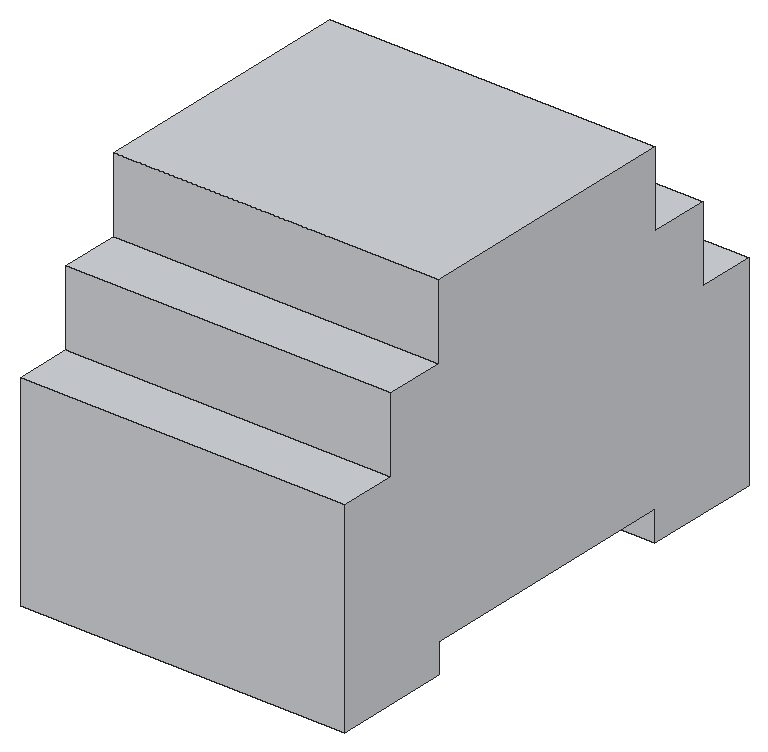
Revit family "Power-ModularDevices-GEWISS-90AM-RELAY_RESIDUAL_CURRENT", category Apparecchi elettrici, host Superficie, Revit 2016
Family settings
  Host = Superficie
  Mantenere orientamento annotazione = Sì
  Tipo di parte = Normale
  Quota connettore circolare = Usa diametro
  Numero OmniClass = 23.80.30.00
  Titolo OmniClass = Distribution Devices
  Taglio con vuoti quando caricato = No
  Condiviso = No
  Punto di calcolo locali = Sì
Parameters (values of type "GW96331 - RESIDUAL CURRENT EARTH RELAY")
  dIST sIMBOLO [instance] = 6.4 mm  # constant formula
  Version file RFA = "18.0"
  URL = "https://www.gewiss.com/ww/en"
  Type: = "Separate toroid"
  Type = "A"
  Technical sheet = "https://www.gewiss.com/ww/en/search?q=GW96331"
  TESTO ETICHETTA = "A"
  SEO = "Relay"
  Realized by GEWISS S.p.A. = ""
  Rated voltage (V) = "230 ac"
  Rated voltage = "230Vac"
  Default Elevation = 1219.2 mm
  Produttore = "GEWISS S.p.A."
  Potenza in Watt = 0 V
  Numero poli = 1
  No. of modules EN 50022 = "3"
  No. Chorus modules = "3"
  Modello = "GW96331"
  Installation = "DIN rail"
  Immagine tipo = GW96331.jpg
  IFC.TypeObject = ""
  IFC.ExportType = ""
  IFC.ExportAs = ""
  IDT = "8fce91a4-73eb-4b8b-b6af-6b6be4d5b2ce"
  IDF = "7901679e-94c1-4048-a4bd-c1a92c425e58"
  Fin_INTERRUTTORE = none
  Electrocod = "140"
  EAN code = "8011564177093"
  Dist_dalla barra din [instance] = 5 mm
  Descrizione = "RESIDUAL CURRENT EARTH RELAY"
  Catalogue Range = "90 AM"
  Catalogue = "POWER"
  COBie.Tagnumber = ""
  COBie.CreatedOn = ""
  COBie.CreatebBy = ""
  COBie.ComponentRegisterItemID = ""
  COBie.Component.TagNumber = ""
  COBie.Component.Space = ""
  COBie.Component.SerialNumber = ""
  COBie.Component.InstallationDate = ""
  COBie.Component.Description = ""
  COBie.Component.BarCode = ""
  Assembly = "DIN rail"
Reference planes
  plane 1 "Centro (Fronte/Retro)": y = 0
  plane 2: z = 0
  plane 3 "Centro (Sinistra/Destra)": x = 0
  plane 4 "barra din": y = -45
Dimensions and locks
  aligned and locked: plane 2 to host face
  aligned and locked: level to host face
  aligned and locked: plane 3 "Centro (Sinistra/Destra)" to nested 1
Nested families
  nested 1: "90AM RELE DIFF TOROIDE SEPARATO_GENERICO" at (0, 0, 0), type "GW96331 Rele' differenziale di terra - 3M"
Connectors
  electrical at (0, 42, 16.965)
    settings: on nested 1, index 1, voltage 230 V, apparent load 0 VA, apparent load phase1 0 VA, apparent load phase2 0 VA, apparent load phase3 0 VA, power factor 1, load classification "Altro", number of poles 1, system type 31, power factor state 1, is connector primary yes, connector utility no, sub classification motor no, connector description ""
Definition of nested family "90AM RELE DIFF TOROIDE SEPARATO_GENERICO"
  Parameters (values of type "GW96331 Rele' differenziale di terra - 3M")
    Default Elevation = 1219.2 mm
    Finitura Amperometro = none
    DIST_DALLA BARRA = 5 mm
    D = 45 mm  # constant formula
    C = 59 mm  # constant formula
    B = 84 mm  # constant formula
    A = 54 mm  # constant formula
  Reference planes
    plane 1 "Centro (Fronte/Retro)": y = 0
    plane 2: z = 0
    plane 3 "Centro (Sinistra/Destra)": x = 0
    plane 4: y = -22.5
    plane 5: y = 22.5
    plane 6: y = -32.5
    plane 7: y = 32.5
    plane 8: y = -42
    plane 9: y = 42
    plane 10 "fronte": z = 59
    plane 11: z = 0
    plane 12: z = 5
    plane 13 "FOROMETRIA": z = 33.929
    plane 14 "forometria 2": z = 46.465
    plane 15: x = -27
    plane 16: x = 27
    plane 17: z = 72
    plane 18: through (0, -1524, 57.378) normal (-0.6412, 0, 0.7674)
  Forms (mm)
    Extrusion 1, solid, material <- "Finitura Amperometro"
      sketch origin (0, 0, 5) x (0, 1, 0) y (0, 0, 1)
        loop
          line (-22.5, 54) -> (-22.5, 41.465) -> (-32.5, 41.465) -> (-32.5, 28.929) -> (-42, 28.929) -> (-42, -5) -> (-22.5, -5) -> (-22.5, 0) -> (22.5, 0) -> (22.5, -5) -> (42, -5) -> (42, 28.929) -> (32.5, 28.929) -> (32.5, 41.465) -> (22.5, 41.465) -> (22.5, 54) -> (-22.5, 54)
      from -27 to 27
    Extrusion 2, solid, material <- "Finitura Amperometro", detail levels coarse
      sketch origin (0, 0, 33.929) x (0, -1, 0) y (1, 0, 0)
        loop
          line (-42, -27) -> (42, -27) -> (42, 27) -> (-42, 27) -> (-42, -27)
      from -28.929 to 25.071
    Extrusion 3, solid, material <- "Finitura Amperometro", detail levels coarse
      sketch origin (0, 0, 0) x (0, 1, 0) y (0, 0, 1)
        loop
          line (-3.75, 57.378) -> (3.75, 57.378) -> (3.75, 59) -> (-3.75, 59) -> (-3.75, 57.378)
      from -4.396 to 4.396
  Cuts and joins
    joined: Extrusion 2, Extrusion 3
  Lines and regions (mm)
    model lines
      curve 1: line (-27, -22.5, 59) -> (27, -22.5, 59)
      curve 2: line (-27, 22.5, 59) -> (27, 22.5, 59)
      curve 3: line (-27, -22.5, 59) -> (-27, 22.5, 59)
      curve 4: line (27, 22.5, 59) -> (27, -22.5, 59)
    model lines, detail levels medium+fine
      curve 5: line (12.104, -11.04, 59) -> (12.104, -4.062, 59)
      curve 6: line (12.104, -4.062, 59) -> (10.396, -5.77, 59)
      curve 7: line (20.801, -16.475, 59) -> (2.626, -16.475, 59)
      curve 8: line (2.626, -16.475, 59) -> (2.626, 1.7, 59)
      curve 9: line (2.626, 1.7, 59) -> (20.801, 1.7, 59)
      curve 10: line (20.801, 1.7, 59) -> (20.801, -16.475, 59)
      curve 11: line (13.857, -2.861, 59) -> (10.129, -2.861, 59)
      curve 12: line (10.129, -2.861, 59) -> (7.493, -5.497, 59)
      curve 13: line (7.493, -5.497, 59) -> (7.493, -9.225, 59)
      curve 14: line (7.493, -9.225, 59) -> (10.129, -11.861, 59)
      curve 15: line (10.129, -11.861, 59) -> (13.857, -11.861, 59)
      curve 16: line (13.857, -11.861, 59) -> (16.494, -9.225, 59)
      curve 17: line (16.494, -9.225, 59) -> (16.494, -5.497, 59)
      curve 18: line (16.494, -5.497, 59) -> (13.857, -2.861, 59)
      curve 19: line (-13.589, -5.988, 59) -> (-11.881, -4.28, 59)
      curve 20: line (-11.881, -4.28, 59) -> (-10.173, -5.988, 59)
      curve 21: line (-11.881, -11.258, 59) -> (-11.881, -4.28, 59)
      curve 22: line (-3.185, -16.693, 59) -> (-21.359, -16.693, 59)
      curve 23: line (-21.359, -16.693, 59) -> (-21.359, 1.482, 59)
      curve 24: line (-21.359, 1.482, 59) -> (-3.185, 1.482, 59)
      curve 25: line (-3.185, 1.482, 59) -> (-3.185, -16.693, 59)
      curve 26: line (-10.128, -3.079, 59) -> (-13.856, -3.079, 59)
      curve 27: line (-13.856, -3.079, 59) -> (-16.493, -5.715, 59)
      curve 28: line (-16.493, -5.715, 59) -> (-16.493, -9.443, 59)
      curve 29: line (-16.493, -9.443, 59) -> (-13.856, -12.079, 59)
      curve 30: line (-13.856, -12.079, 59) -> (-10.128, -12.079, 59)
      curve 31: line (-10.128, -12.079, 59) -> (-7.492, -9.443, 59)
      curve 32: line (-7.492, -9.443, 59) -> (-7.492, -5.715, 59)
      curve 33: line (-7.492, -5.715, 59) -> (-10.128, -3.079, 59)
      curve 34: line (-27, 22.5, 59) -> (27, 22.5, 59)
      curve 35: line (12.104, -4.062, 59) -> (13.812, -5.77, 59)
      curve 36: line (27, -22.5, 59) -> (-27, -22.5, 59)
      curve 37: line (-27, -22.5, 59) -> (-27, 22.5, 59)
      curve 38: line (27, 22.5, 59) -> (27, -22.5, 59)
      curve 39: line (5.906, 12.425, 59) -> (4.612, 12.772, 59)
      curve 40: line (4.612, 12.772, 59) -> (3.666, 13.719, 59)
      curve 41: line (3.666, 13.719, 59) -> (3.319, 15.012, 59)
      curve 42: line (3.319, 15.012, 59) -> (3.666, 16.306, 59)
      curve 43: line (3.666, 16.306, 59) -> (4.612, 17.252, 59)
      curve 44: line (4.612, 17.252, 59) -> (5.906, 17.599, 59)
      curve 45: line (5.906, 17.599, 59) -> (7.199, 17.252, 59)
      curve 46: line (7.199, 17.252, 59) -> (8.146, 16.306, 59)
      curve 47: line (8.146, 16.306, 59) -> (8.493, 15.012, 59)
      curve 48: line (8.493, 15.012, 59) -> (8.146, 13.719, 59)
      curve 49: line (8.146, 13.719, 59) -> (7.199, 12.772, 59)
      curve 50: line (7.199, 12.772, 59) -> (5.906, 12.425, 59)
      curve 51: line (-18.569, 12.425, 59) -> (-19.863, 12.772, 59)
      curve 52: line (-19.863, 12.772, 59) -> (-20.809, 13.719, 59)
      curve 53: line (-20.809, 13.719, 59) -> (-21.156, 15.012, 59)
      curve 54: line (-21.156, 15.012, 59) -> (-20.809, 16.306, 59)
      curve 55: line (-20.809, 16.306, 59) -> (-19.863, 17.252, 59)
      curve 56: line (-19.863, 17.252, 59) -> (-18.569, 17.599, 59)
      curve 57: line (-18.569, 17.599, 59) -> (-17.276, 17.252, 59)
      curve 58: line (-17.276, 17.252, 59) -> (-16.329, 16.306, 59)
      curve 59: line (-16.329, 16.306, 59) -> (-15.982, 15.012, 59)
      curve 60: line (-15.982, 15.012, 59) -> (-16.329, 13.719, 59)
      curve 61: line (-16.329, 13.719, 59) -> (-17.276, 12.772, 59)
      curve 62: line (-17.276, 12.772, 59) -> (-18.569, 12.425, 59)
      curve 63: line (-6.599, 12.425, 59) -> (-7.892, 12.772, 59)
      curve 64: line (-7.892, 12.772, 59) -> (-8.839, 13.719, 59)
      curve 65: line (-8.839, 13.719, 59) -> (-9.185, 15.012, 59)
      curve 66: line (-9.185, 15.012, 59) -> (-8.839, 16.306, 59)
      curve 67: line (-8.839, 16.306, 59) -> (-7.892, 17.252, 59)
      curve 68: line (-7.892, 17.252, 59) -> (-6.599, 17.599, 59)
      curve 69: line (-6.599, 17.599, 59) -> (-5.305, 17.252, 59)
      curve 70: line (-5.305, 17.252, 59) -> (-4.358, 16.306, 59)
      curve 71: line (-4.358, 16.306, 59) -> (-4.012, 15.012, 59)
      curve 72: line (-4.012, 15.012, 59) -> (-4.358, 13.719, 59)
      curve 73: line (-4.358, 13.719, 59) -> (-5.305, 12.772, 59)
      curve 74: line (-5.305, 12.772, 59) -> (-6.599, 12.425, 59)
      curve 75: line (18.569, 12.425, 59) -> (17.276, 12.772, 59)
      curve 76: line (17.276, 12.772, 59) -> (16.329, 13.719, 59)
      curve 77: line (16.329, 13.719, 59) -> (15.982, 15.012, 59)
      curve 78: line (15.982, 15.012, 59) -> (16.329, 16.306, 59)
      curve 79: line (16.329, 16.306, 59) -> (17.276, 17.252, 59)
      curve 80: line (17.276, 17.252, 59) -> (18.569, 17.599, 59)
      curve 81: line (18.569, 17.599, 59) -> (19.863, 17.252, 59)
      curve 82: line (19.863, 17.252, 59) -> (20.809, 16.306, 59)
      curve 83: line (20.809, 16.306, 59) -> (21.156, 15.012, 59)
      curve 84: line (21.156, 15.012, 59) -> (20.809, 13.719, 59)
      curve 85: line (20.809, 13.719, 59) -> (19.863, 12.772, 59)
      curve 86: line (19.863, 12.772, 59) -> (18.569, 12.425, 59)
      curve 87: line (-27, 22.5, 46.465) -> (27, 22.5, 46.465)
      curve 88: line (27, 32.5, 46.465) -> (-27, 32.5, 46.465)
      curve 89: line (-27, 22.5, 46.465) -> (-27, 32.5, 46.465)
      curve 90: line (27, 32.5, 46.465) -> (27, 22.5, 46.465)
      curve 176: line (-27, -32.5, 33.929) -> (27, -32.5, 33.929)
      curve 177: line (27, -42, 33.929) -> (-27, -42, 33.929)
      curve 178: line (-27, -42, 33.929) -> (-27, -32.5, 33.929)
      curve 179: line (27, -32.5, 33.929) -> (27, -42, 33.929)
      curve 180: line (-21.755, -39.678, 33.929) -> (-20.462, -39.331, 33.929)
      curve 181: line (-20.462, -39.331, 33.929) -> (-19.515, -38.384, 33.929)
      curve 182: line (-19.515, -38.384, 33.929) -> (-19.169, -37.091, 33.929)
      curve 183: line (-19.169, -37.091, 33.929) -> (-19.515, -35.797, 33.929)
      curve 184: line (-19.515, -35.797, 33.929) -> (-20.462, -34.851, 33.929)
      curve 185: line (-20.462, -34.851, 33.929) -> (-21.755, -34.504, 33.929)
      curve 186: line (-21.755, -34.504, 33.929) -> (-23.049, -34.851, 33.929)
      curve 187: line (-23.049, -34.851, 33.929) -> (-23.996, -35.797, 33.929)
      curve 188: line (-23.996, -35.797, 33.929) -> (-24.342, -37.091, 33.929)
      curve 189: line (-24.342, -37.091, 33.929) -> (-23.996, -38.384, 33.929)
      curve 190: line (-23.996, -38.384, 33.929) -> (-23.049, -39.331, 33.929)
      curve 191: line (-23.049, -39.331, 33.929) -> (-21.755, -39.678, 33.929)
      curve 192: line (-13.245, -39.678, 33.929) -> (-11.951, -39.331, 33.929)
      curve 193: line (-11.951, -39.331, 33.929) -> (-11.004, -38.384, 33.929)
      curve 194: line (-11.004, -38.384, 33.929) -> (-10.658, -37.091, 33.929)
      curve 195: line (-10.658, -37.091, 33.929) -> (-11.004, -35.797, 33.929)
      curve 196: line (-11.004, -35.797, 33.929) -> (-11.951, -34.851, 33.929)
      curve 197: line (-11.951, -34.851, 33.929) -> (-13.245, -34.504, 33.929)
      curve 198: line (-13.245, -34.504, 33.929) -> (-14.538, -34.851, 33.929)
      curve 199: line (-14.538, -34.851, 33.929) -> (-15.485, -35.797, 33.929)
      curve 200: line (-15.485, -35.797, 33.929) -> (-15.831, -37.091, 33.929)
      curve 201: line (-15.831, -37.091, 33.929) -> (-15.485, -38.384, 33.929)
      curve 202: line (-15.485, -38.384, 33.929) -> (-14.538, -39.331, 33.929)
      curve 203: line (-14.538, -39.331, 33.929) -> (-13.245, -39.678, 33.929)
      curve 204: line (-4.255, -39.678, 33.929) -> (-2.962, -39.331, 33.929)
      curve 205: line (-2.962, -39.331, 33.929) -> (-2.015, -38.384, 33.929)
      curve 206: line (-2.015, -38.384, 33.929) -> (-1.669, -37.091, 33.929)
      curve 207: line (-1.669, -37.091, 33.929) -> (-2.015, -35.797, 33.929)
      curve 208: line (-2.015, -35.797, 33.929) -> (-2.962, -34.851, 33.929)
      curve 209: line (-2.962, -34.851, 33.929) -> (-4.255, -34.504, 33.929)
      curve 210: line (-4.255, -34.504, 33.929) -> (-5.549, -34.851, 33.929)
      curve 211: line (-5.549, -34.851, 33.929) -> (-6.496, -35.797, 33.929)
      curve 212: line (-6.496, -35.797, 33.929) -> (-6.842, -37.091, 33.929)
      curve 213: line (-6.842, -37.091, 33.929) -> (-6.496, -38.384, 33.929)
      curve 214: line (-6.496, -38.384, 33.929) -> (-5.549, -39.331, 33.929)
      curve 215: line (-5.549, -39.331, 33.929) -> (-4.255, -39.678, 33.929)
      curve 216: line (4.255, -39.678, 33.929) -> (5.549, -39.331, 33.929)
      curve 217: line (5.549, -39.331, 33.929) -> (6.496, -38.384, 33.929)
      curve 218: line (6.496, -38.384, 33.929) -> (6.842, -37.091, 33.929)
      curve 219: line (6.842, -37.091, 33.929) -> (6.496, -35.797, 33.929)
      curve 220: line (6.496, -35.797, 33.929) -> (5.549, -34.851, 33.929)
      curve 221: line (5.549, -34.851, 33.929) -> (4.255, -34.504, 33.929)
      curve 222: line (4.255, -34.504, 33.929) -> (2.962, -34.851, 33.929)
      curve 223: line (2.962, -34.851, 33.929) -> (2.015, -35.797, 33.929)
      curve 224: line (2.015, -35.797, 33.929) -> (1.669, -37.091, 33.929)
      curve 225: line (1.669, -37.091, 33.929) -> (2.015, -38.384, 33.929)
      curve 226: line (2.015, -38.384, 33.929) -> (2.962, -39.331, 33.929)
      curve 227: line (2.962, -39.331, 33.929) -> (4.255, -39.678, 33.929)
      curve 228: line (13.745, -39.678, 33.929) -> (12.451, -39.331, 33.929)
      curve 229: line (12.451, -39.331, 33.929) -> (11.504, -38.384, 33.929)
      curve 230: line (11.504, -38.384, 33.929) -> (11.158, -37.091, 33.929)
      curve 231: line (11.158, -37.091, 33.929) -> (11.504, -35.797, 33.929)
      curve 232: line (11.504, -35.797, 33.929) -> (12.451, -34.851, 33.929)
      curve 233: line (12.451, -34.851, 33.929) -> (13.745, -34.504, 33.929)
      curve 234: line (13.745, -34.504, 33.929) -> (15.038, -34.851, 33.929)
      curve 235: line (15.038, -34.851, 33.929) -> (15.985, -35.797, 33.929)
      curve 236: line (15.985, -35.797, 33.929) -> (16.331, -37.091, 33.929)
      curve 237: line (16.331, -37.091, 33.929) -> (15.985, -38.384, 33.929)
      curve 238: line (15.985, -38.384, 33.929) -> (15.038, -39.331, 33.929)
      curve 239: line (15.038, -39.331, 33.929) -> (13.745, -39.678, 33.929)
      curve 240: line (22.255, -39.678, 33.929) -> (20.962, -39.331, 33.929)
      curve 241: line (20.962, -39.331, 33.929) -> (20.015, -38.384, 33.929)
      curve 242: line (20.015, -38.384, 33.929) -> (19.669, -37.091, 33.929)
      curve 243: line (19.669, -37.091, 33.929) -> (20.015, -35.797, 33.929)
      curve 244: line (20.015, -35.797, 33.929) -> (20.962, -34.851, 33.929)
      curve 245: line (20.962, -34.851, 33.929) -> (22.255, -34.504, 33.929)
      curve 246: line (22.255, -34.504, 33.929) -> (23.549, -34.851, 33.929)
      curve 247: line (23.549, -34.851, 33.929) -> (24.496, -35.797, 33.929)
      curve 248: line (24.496, -35.797, 33.929) -> (24.842, -37.091, 33.929)
      curve 249: line (24.842, -37.091, 33.929) -> (24.496, -38.384, 33.929)
      curve 250: line (24.496, -38.384, 33.929) -> (23.549, -39.331, 33.929)
      curve 251: line (23.549, -39.331, 33.929) -> (22.255, -39.678, 33.929)
    model lines, detail levels fine
      curve 91: line (-22.47, 26.642, 46.465) -> (-22.47, 24.448, 46.465)
      curve 92: line (-22.47, 24.448, 46.465) -> (-23.205, 24.448, 46.465)
      curve 93: line (-23.205, 24.448, 46.465) -> (-23.632, 24.501, 46.465)
      curve 94: line (-23.632, 24.501, 46.465) -> (-24.154, 24.732, 46.465)
      curve 95: line (-24.154, 24.732, 46.465) -> (-24.568, 25.117, 46.465)
      curve 96: line (-24.568, 25.117, 46.465) -> (-24.842, 25.635, 46.465)
      curve 97: line (-24.842, 25.635, 46.465) -> (-24.927, 26.187, 46.465)
      curve 98: line (-24.927, 26.187, 46.465) -> (-24.845, 26.696, 46.465)
      curve 99: line (-24.845, 26.696, 46.465) -> (-24.625, 27.145, 46.465)
      curve 100: line (-24.625, 27.145, 46.465) -> (-24.229, 27.554, 46.465)
      curve 101: line (-24.229, 27.554, 46.465) -> (-23.751, 27.803, 46.465)
      curve 102: line (-23.751, 27.803, 46.465) -> (-23.213, 27.891, 46.465)
      curve 103: line (-23.213, 27.891, 46.465) -> (-22.47, 27.891, 46.465)
      curve 104: line (-22.47, 27.891, 46.465) -> (-22.47, 26.945, 46.465)
      curve 105: line (-22.47, 26.945, 46.465) -> (-23.719, 26.945, 46.465)
      curve 106: line (-23.719, 26.945, 46.465) -> (-23.719, 25.394, 46.465)
      curve 107: line (-23.719, 25.394, 46.465) -> (-23.415, 25.394, 46.465)
      curve 108: line (-23.415, 25.394, 46.465) -> (-23.415, 26.642, 46.465)
      curve 109: line (-23.415, 26.642, 46.465) -> (-22.47, 26.642, 46.465)
      curve 110: line (-19.5, 24.448, 46.465) -> (-22.167, 24.448, 46.465)
      curve 111: line (-22.167, 24.448, 46.465) -> (-22.167, 27.891, 46.465)
      curve 112: line (-22.167, 27.891, 46.465) -> (-20.748, 27.891, 46.465)
      curve 113: line (-20.748, 27.891, 46.465) -> (-20.748, 26.945, 46.465)
      curve 114: line (-20.748, 26.945, 46.465) -> (-21.222, 26.945, 46.465)
      curve 115: line (-21.222, 26.945, 46.465) -> (-21.222, 26.643, 46.465)
      curve 116: line (-21.222, 26.643, 46.465) -> (-19.5, 26.643, 46.465)
      curve 117: line (-19.5, 26.643, 46.465) -> (-19.5, 25.696, 46.465)
      curve 118: line (-19.5, 25.696, 46.465) -> (-21.221, 25.696, 46.465)
      curve 119: line (-21.221, 25.696, 46.465) -> (-21.221, 25.394, 46.465)
      curve 120: line (-21.221, 25.394, 46.465) -> (-19.5, 25.394, 46.465)
      curve 121: line (-19.5, 25.394, 46.465) -> (-19.5, 24.448, 46.465)
      curve 122: line (-14.674, 24.448, 46.465) -> (-14.674, 26.643, 46.465)
      curve 123: line (-14.674, 26.643, 46.465) -> (-15.621, 26.643, 46.465)
      curve 124: line (-15.621, 26.643, 46.465) -> (-15.621, 24.448, 46.465)
      curve 125: line (-15.621, 24.448, 46.465) -> (-14.674, 24.448, 46.465)
      curve 126: line (-17.844, 24.448, 46.465) -> (-17.56, 25.867, 46.465)
      curve 127: line (-17.56, 25.867, 46.465) -> (-17.276, 24.448, 46.465)
      curve 128: line (-17.276, 24.448, 46.465) -> (-16.33, 24.448, 46.465)
      curve 129: line (-16.33, 24.448, 46.465) -> (-15.744, 26.945, 46.465)
      curve 130: line (-15.744, 26.945, 46.465) -> (-14.674, 26.945, 46.465)
      curve 131: line (-14.674, 26.945, 46.465) -> (-14.674, 27.891, 46.465)
      curve 132: line (-14.674, 27.891, 46.465) -> (-16.491, 27.891, 46.465)
      curve 133: line (-16.491, 27.891, 46.465) -> (-16.832, 26.435, 46.465)
      curve 134: line (-16.832, 26.435, 46.465) -> (-17.068, 27.891, 46.465)
      curve 135: line (-17.068, 27.891, 46.465) -> (-18.052, 27.891, 46.465)
      curve 136: line (-18.052, 27.891, 46.465) -> (-18.289, 26.435, 46.465)
      curve 137: line (-18.289, 26.435, 46.465) -> (-18.629, 27.891, 46.465)
      curve 138: line (-18.629, 27.891, 46.465) -> (-20.446, 27.891, 46.465)
      curve 139: line (-20.446, 27.891, 46.465) -> (-20.446, 26.945, 46.465)
      curve 140: line (-20.446, 26.945, 46.465) -> (-19.376, 26.945, 46.465)
      curve 141: line (-19.376, 26.945, 46.465) -> (-18.791, 24.448, 46.465)
      curve 142: line (-18.791, 24.448, 46.465) -> (-17.844, 24.448, 46.465)
      curve 143: line (-11.704, 27.891, 46.465) -> (-14.372, 27.891, 46.465)
      curve 144: line (-14.372, 27.891, 46.465) -> (-14.372, 25.697, 46.465)
      curve 145: line (-14.372, 25.697, 46.465) -> (-12.65, 25.697, 46.465)
      curve 146: line (-12.65, 25.697, 46.465) -> (-12.65, 25.394, 46.465)
      curve 147: line (-12.65, 25.394, 46.465) -> (-14.372, 25.394, 46.465)
      curve 148: line (-14.372, 25.394, 46.465) -> (-14.372, 24.448, 46.465)
      curve 149: line (-14.372, 24.448, 46.465) -> (-11.704, 24.448, 46.465)
      curve 150: line (-11.704, 24.448, 46.465) -> (-11.704, 26.643, 46.465)
      curve 151: line (-11.704, 26.643, 46.465) -> (-13.426, 26.643, 46.465)
      curve 152: line (-13.426, 26.643, 46.465) -> (-13.426, 26.945, 46.465)
      curve 153: line (-13.426, 26.945, 46.465) -> (-11.704, 26.945, 46.465)
      curve 154: line (-11.704, 26.945, 46.465) -> (-11.704, 27.891, 46.465)
      curve 155: line (-11.401, 27.891, 46.465) -> (-11.401, 25.697, 46.465)
      curve 156: line (-11.401, 25.697, 46.465) -> (-9.795, 25.697, 46.465)
      curve 157: line (-9.795, 25.697, 46.465) -> (-9.795, 25.394, 46.465)
      curve 158: line (-9.795, 25.394, 46.465) -> (-11.401, 25.394, 46.465)
      curve 159: line (-11.401, 25.394, 46.465) -> (-11.401, 24.448, 46.465)
      curve 160: line (-11.401, 24.448, 46.465) -> (-10.455, 24.448, 46.465)
      curve 161: line (-10.455, 24.448, 46.465) -> (-9.908, 24.623, 46.465)
      curve 162: line (-9.908, 24.623, 46.465) -> (-9.556, 24.853, 46.465)
      curve 163: line (-9.556, 24.853, 46.465) -> (-9.152, 25.349, 46.465)
      curve 164: line (-9.152, 25.349, 46.465) -> (-8.964, 25.904, 46.465)
      curve 165: line (-8.964, 25.904, 46.465) -> (-8.959, 26.397, 46.465)
      curve 166: line (-8.959, 26.397, 46.465) -> (-9.01, 26.643, 46.465)
      curve 167: line (-9.01, 26.643, 46.465) -> (-10.455, 26.643, 46.465)
      curve 168: line (-10.455, 26.643, 46.465) -> (-10.455, 26.945, 46.465)
      curve 169: line (-10.455, 26.945, 46.465) -> (-9.139, 26.945, 46.465)
      curve 170: line (-9.139, 26.945, 46.465) -> (-9.31, 27.231, 46.465)
      curve 171: line (-9.31, 27.231, 46.465) -> (-9.556, 27.486, 46.465)
      curve 172: line (-9.556, 27.486, 46.465) -> (-9.899, 27.711, 46.465)
      curve 173: line (-9.899, 27.711, 46.465) -> (-10.256, 27.842, 46.465)
      curve 174: line (-10.256, 27.842, 46.465) -> (-10.659, 27.891, 46.465)
      curve 175: line (-10.659, 27.891, 46.465) -> (-11.401, 27.891, 46.465)
  Dimensions and locks
    equal spacing: plane 4, plane 1 "Centro (Fronte/Retro)", plane 5
    "D": plane 4 to plane 5
    "C": plane 11 to plane 10 "fronte"
    locked: plane 11 to plane 12 at 5
    "B": plane 8 to plane 9
    equal spacing: plane 8, plane 1 "Centro (Fronte/Retro)", plane 9
    plane 12 to plane 13 "FOROMETRIA" = 28.929 mm
    equal spacing: plane 10 "fronte", plane 14 "forometria 2", plane 13 "FOROMETRIA"
    locked: plane 6 to plane 4 at 10
    locked: plane 5 to plane 7 at 10
    equal spacing: plane 15, plane 3 "Centro (Sinistra/Destra)", plane 16
    "A": plane 15 to plane 16
    "DIST_DALLA BARRA": plane 2 to plane 12
    plane 8 to plane 6 = 9.5 mm
    plane 17 to level = 72 mm
    plane 15 to plane 16 = 54 mm
    aligned and locked: level to plane 2
    aligned and locked: plane 10 "fronte" to Extrusion 1 sketch curve
    aligned and locked: plane 4 to Extrusion 1 sketch curve
    aligned and locked: plane 8 to Extrusion 1 sketch curve
    aligned and locked: plane 9 to Extrusion 1 sketch curve
    aligned and locked: plane 12 to Extrusion 1 sketch curve
    aligned and locked: plane 11 to Extrusion 1 sketch curve  (x2)
    aligned and locked: plane 15 to Extrusion 1
    aligned and locked: Extrusion 1 to plane 16
    aligned and locked: plane 16 to Extrusion 2 sketch curve
    aligned and locked: plane 9 to Extrusion 2 sketch curve
    aligned and locked: Extrusion 2 sketch curve to plane 15
    aligned and locked: Extrusion 2 sketch curve to plane 8
    aligned and locked: Extrusion 2 to plane 10 "fronte"
    aligned and locked: plane 12 to Extrusion 2
    aligned and locked: plane 5 to curve 2
    aligned and locked: plane 4 to curve 1
    aligned and locked: cut or joined group of Extrusion 2, Extrusion 3 to plane 16
    aligned and locked: plane 15 to cut or joined group of Extrusion 2, Extrusion 3
    aligned and locked: plane 13 "FOROMETRIA" to Extrusion 1 sketch curve
    aligned and locked: Extrusion 1 sketch curve to plane 6
    aligned and locked: Extrusion 1 sketch curve to plane 14 "forometria 2"
    aligned and locked: Extrusion 1 sketch curve to plane 7
    aligned and locked: plane 14 "forometria 2" to Extrusion 1 sketch curve
    aligned and locked: Extrusion 1 sketch curve to plane 13 "FOROMETRIA"
    aligned and locked: plane 5 to Extrusion 1 sketch curve
    aligned and locked: plane 4 to Extrusion 1
    aligned and locked: curve 37 to plane 15
    aligned and locked: plane 16 to curve 38
    aligned and locked: Extrusion 1 to plane 5
    aligned and locked: plane 5 to curve 87
    aligned and locked: curve 88 to plane 7
    aligned and locked: plane 16 to curve 90
    aligned and locked: plane 6 to curve 176
    aligned and locked: plane 16 to curve 179
    aligned and locked: plane 8 to cut or joined group of Extrusion 2, Extrusion 3
    aligned and locked: curve 178 to plane 15
  Automatic sketch dimensions
    plane 10 "fronte" to Extrusion 3 sketch curve = 0 mm
    plane 1 "Centro (Fronte/Retro)" to Extrusion 3 sketch curve = 3.75 mm
    Extrusion 3 sketch curve to plane 1 "Centro (Fronte/Retro)" = 3.75 mm
    plane 10 "fronte" to Extrusion 3 sketch curve = 1.622 mm
    Extrusion 1 sketch curve to plane 4 = 0 mm
    Extrusion 1 sketch curve to plane 5 = 0 mm
    curve 22 to plane 4 = 5.807 mm
    curve 53 to plane 1 "Centro (Fronte/Retro)" = 15.012 mm
    curve 34 to curve 53 = 5.844 mm
    curve 52 to plane 1 "Centro (Fronte/Retro)" = 13.719 mm
    curve 53 to curve 52 = 0.347 mm
    curve 55 to plane 1 "Centro (Fronte/Retro)" = 16.306 mm
    curve 53 to curve 55 = 0.347 mm
    curve 51 to plane 1 "Centro (Fronte/Retro)" = 12.772 mm
    curve 52 to curve 51 = 0.947 mm
    curve 56 to plane 1 "Centro (Fronte/Retro)" = 17.252 mm
    curve 54 to curve 56 = 0.947 mm
    curve 57 to plane 1 "Centro (Fronte/Retro)" = 17.599 mm
    curve 55 to curve 57 = 1.293 mm
    curve 62 to plane 1 "Centro (Fronte/Retro)" = 12.425 mm
    curve 51 to curve 62 = 1.293 mm  (x2)
    curve 62 to plane 1 "Centro (Fronte/Retro)" = 12.772 mm
    curve 58 to plane 1 "Centro (Fronte/Retro)" = 17.252 mm
    curve 56 to curve 58 = 1.293 mm
    curve 23 to curve 28 = 4.867 mm
    curve 61 to plane 1 "Centro (Fronte/Retro)" = 13.719 mm
    curve 61 to curve 61 = 0.947 mm
    curve 58 to plane 1 "Centro (Fronte/Retro)" = 16.306 mm
    curve 57 to curve 58 = 0.947 mm
    curve 59 to plane 1 "Centro (Fronte/Retro)" = 15.012 mm
    curve 58 to curve 59 = 0.347 mm
    curve 28 to curve 30 = 2.636 mm
    curve 27 to curve 26 = 2.636 mm
    curve 19 to plane 4 = 18.22 mm
    curve 26 to curve 19 = 1.975 mm
    curve 19 to curve 26 = 1.753 mm
    curve 31 to plane 4 = 10.421 mm
    curve 21 to curve 31 = 1.753 mm
    curve 66 to plane 1 "Centro (Fronte/Retro)" = 15.012 mm
    curve 60 to curve 66 = 6.797 mm
    curve 65 to plane 1 "Centro (Fronte/Retro)" = 13.719 mm
    curve 65 to curve 65 = 0.347 mm
    curve 66 to plane 1 "Centro (Fronte/Retro)" = 16.306 mm
    curve 65 to curve 66 = 0.347 mm
    curve 63 to plane 1 "Centro (Fronte/Retro)" = 12.772 mm
    curve 64 to curve 63 = 0.947 mm
    curve 67 to plane 1 "Centro (Fronte/Retro)" = 17.252 mm
    curve 67 to curve 67 = 0.947 mm
    curve 26 to curve 32 = 2.636 mm
    curve 68 to plane 1 "Centro (Fronte/Retro)" = 17.599 mm
    curve 67 to curve 68 = 1.293 mm
    curve 74 to plane 1 "Centro (Fronte/Retro)" = 12.425 mm
    curve 63 to curve 74 = 1.293 mm
    curve 73 to plane 1 "Centro (Fronte/Retro)" = 12.772 mm
    curve 74 to curve 73 = 1.293 mm
    curve 70 to plane 1 "Centro (Fronte/Retro)" = 17.252 mm
    curve 68 to curve 70 = 1.293 mm
    curve 70 to plane 1 "Centro (Fronte/Retro)" = 16.306 mm
    curve 69 to curve 70 = 0.947 mm
    curve 72 to plane 1 "Centro (Fronte/Retro)" = 13.719 mm
    curve 73 to curve 72 = 0.947 mm
    curve 71 to plane 1 "Centro (Fronte/Retro)" = 15.012 mm
    curve 70 to curve 71 = 0.347 mm
    curve 24 to curve 9 = 5.811 mm
    curve 42 to plane 1 "Centro (Fronte/Retro)" = 15.012 mm
    curve 40 to plane 1 "Centro (Fronte/Retro)" = 13.719 mm
    curve 41 to curve 40 = 0.347 mm
    curve 42 to plane 1 "Centro (Fronte/Retro)" = 16.306 mm
    curve 41 to curve 42 = 0.347 mm
    curve 39 to plane 1 "Centro (Fronte/Retro)" = 12.772 mm
    curve 40 to curve 39 = 0.947 mm
    curve 43 to plane 1 "Centro (Fronte/Retro)" = 17.252 mm
    curve 42 to curve 43 = 0.947 mm
    curve 50 to plane 1 "Centro (Fronte/Retro)" = 12.425 mm
    curve 39 to curve 50 = 1.293 mm
    curve 45 to plane 1 "Centro (Fronte/Retro)" = 17.599 mm
    curve 43 to curve 45 = 1.293 mm
    curve 46 to plane 1 "Centro (Fronte/Retro)" = 17.252 mm
    curve 44 to curve 46 = 1.293 mm
    curve 49 to plane 1 "Centro (Fronte/Retro)" = 12.772 mm
    curve 39 to curve 49 = 1.293 mm
    curve 8 to curve 13 = 4.867 mm
    curve 49 to plane 1 "Centro (Fronte/Retro)" = 13.719 mm
    curve 49 to curve 49 = 0.947 mm
    curve 47 to plane 1 "Centro (Fronte/Retro)" = 16.306 mm
    curve 45 to curve 47 = 0.947 mm
    curve 47 to plane 1 "Centro (Fronte/Retro)" = 15.012 mm
    curve 46 to curve 47 = 0.347 mm
    curve 13 to curve 15 = 2.636 mm
    plane 1 "Centro (Fronte/Retro)" to curve 12 = 2.861 mm
    curve 12 to curve 12 = 2.636 mm
    curve 35 to plane 4 = 18.438 mm
    curve 11 to curve 35 = 1.975 mm
    curve 5 to curve 15 = 1.753 mm
    curve 5 to curve 18 = 1.753 mm
    curve 77 to plane 1 "Centro (Fronte/Retro)" = 15.012 mm
    curve 76 to plane 1 "Centro (Fronte/Retro)" = 13.719 mm
    curve 77 to curve 76 = 0.347 mm
    curve 79 to plane 1 "Centro (Fronte/Retro)" = 16.306 mm
    curve 77 to curve 79 = 0.347 mm
    curve 15 to curve 17 = 2.636 mm
    curve 75 to plane 1 "Centro (Fronte/Retro)" = 12.772 mm
    curve 76 to curve 75 = 0.947 mm
    curve 80 to plane 1 "Centro (Fronte/Retro)" = 17.252 mm
    curve 78 to curve 80 = 0.947 mm
    curve 75 to plane 1 "Centro (Fronte/Retro)" = 12.425 mm
    curve 75 to curve 75 = 1.293 mm
    curve 81 to plane 1 "Centro (Fronte/Retro)" = 17.599 mm
    curve 80 to curve 81 = 1.293 mm  (x2)
    curve 81 to plane 1 "Centro (Fronte/Retro)" = 17.252 mm
    curve 86 to plane 1 "Centro (Fronte/Retro)" = 12.772 mm
    curve 75 to curve 86 = 1.293 mm
    curve 11 to curve 9 = 6.944 mm
    curve 82 to plane 1 "Centro (Fronte/Retro)" = 16.306 mm
    curve 81 to curve 82 = 0.947 mm
    curve 85 to plane 1 "Centro (Fronte/Retro)" = 13.719 mm
    curve 85 to curve 85 = 0.947 mm
    curve 84 to plane 1 "Centro (Fronte/Retro)" = 15.012 mm
    curve 82 to curve 84 = 0.347 mm
    curve 7 to plane 4 = 6.025 mm
    curve 15 to plane 4 = 10.639 mm
    curve 30 to curve 32 = 2.636 mm
    curve 29 to curve 28 = 2.636 mm
    curve 14 to curve 13 = 2.636 mm
    curve 15 to curve 16 = 2.636 mm
    curve 28 to curve 27 = 3.728 mm
    curve 31 to curve 33 = 3.728 mm
    curve 13 to curve 13 = 3.728 mm
    curve 18 to curve 11 = 2.636 mm
    curve 19 to curve 26 = 1.201 mm
    curve 24 to plane 1 "Centro (Fronte/Retro)" = 1.482 mm
    curve 8 to plane 1 "Centro (Fronte/Retro)" = 1.7 mm
    curve 19 to plane 4 = 16.512 mm
    curve 19 to curve 19 = 1.708 mm
    curve 20 to plane 4 = 16.512 mm
    curve 6 to plane 4 = 16.73 mm
    curve 6 to curve 5 = 1.708 mm
    curve 35 to plane 4 = 16.73 mm
    curve 7 to curve 38 = 6.199 mm
    curve 37 to curve 23 = 5.641 mm
    curve 139 to plane 5 = 5.391 mm
    curve 137 to curve 136 = 0 mm
    curve 143 to plane 5 = 5.391 mm
    curve 134 to curve 133 = 0 mm
    curve 143 to curve 174 = 0 mm
    curve 113 to curve 138 = 0 mm
    curve 104 to curve 111 = 0 mm
    curve 174 to curve 174 = 0.049 mm
    curve 102 to curve 102 = 0.089 mm
    curve 173 to curve 173 = 0.131 mm
    curve 101 to curve 101 = 0.249 mm
    curve 172 to curve 172 = 0.225 mm
    curve 171 to curve 170 = 0.255 mm
    curve 100 to curve 100 = 0.41 mm
    curve 112 to curve 114 = 0.946 mm
    curve 100 to curve 106 = 0.609 mm
    curve 171 to curve 169 = 0.286 mm
    curve 132 to curve 129 = 0.946 mm
    curve 131 to curve 152 = 0 mm
    curve 113 to curve 139 = 0 mm
    curve 99 to curve 98 = 0.449 mm
    curve 114 to curve 116 = 0.303 mm
    curve 153 to curve 150 = 0.303 mm
    curve 169 to curve 166 = 0.303 mm
    curve 129 to curve 124 = 0.303 mm
    curve 104 to curve 109 = 0.303 mm
    curve 140 to curve 136 = 0.511 mm
    curve 129 to curve 134 = 0.511 mm
    curve 166 to curve 166 = 0.245 mm
    curve 98 to curve 97 = 0.509 mm
    curve 165 to curve 165 = 0.493 mm
    curve 136 to curve 126 = 0.568 mm
    curve 122 to curve 145 = 0.946 mm
    curve 150 to curve 156 = 0.946 mm
    curve 115 to curve 119 = 0.946 mm
    curve 97 to curve 97 = 0.552 mm
    curve 155 to curve 158 = 0.303 mm
    curve 118 to curve 119 = 0.303 mm
    curve 145 to curve 146 = 0.303 mm
    curve 97 to curve 106 = 0.241 mm
    curve 164 to curve 163 = 0.556 mm
    curve 97 to curve 95 = 0.518 mm
    curve 157 to curve 163 = 0.541 mm
    curve 95 to curve 95 = 0.384 mm
    curve 163 to curve 161 = 0.23 mm
    curve 94 to curve 93 = 0.231 mm
    curve 94 to curve 93 = 0.054 mm
    curve 161 to curve 161 = 0.175 mm
    curve 128 to plane 5 = 1.948 mm
    curve 120 to curve 121 = 0.946 mm
    curve 147 to curve 122 = 0.946 mm
    curve 149 to curve 159 = 0 mm
    curve 126 to curve 128 = 0 mm
    curve 97 to curve 99 = 0.082 mm
    curve 97 to curve 97 = 0.085 mm
    curve 99 to curve 99 = 0.22 mm
    curve 97 to curve 95 = 0.274 mm
    curve 99 to curve 101 = 0.396 mm
    curve 95 to curve 94 = 0.414 mm
    curve 100 to curve 101 = 0.478 mm
    curve 100 to curve 106 = 0.51 mm
    curve 94 to curve 94 = 0.522 mm
    curve 105 to curve 109 = 0.304 mm
    curve 101 to curve 102 = 0.538 mm
    curve 94 to curve 93 = 0.426 mm
    curve 108 to curve 105 = 0.945 mm
    curve 92 to curve 91 = 0.735 mm
    curve 91 to curve 110 = 0.303 mm
    curve 91 to curve 116 = 1.248 mm
    curve 115 to curve 119 = 0.001 mm
    curve 114 to curve 113 = 0.474 mm
    curve 113 to curve 139 = 0.303 mm
    curve 139 to curve 117 = 0.946 mm
    curve 117 to curve 121 = 0 mm
    curve 117 to curve 140 = 0.123 mm
    curve 110 to curve 142 = 0.708 mm
    curve 140 to curve 137 = 0.747 mm
    curve 140 to curve 136 = 1.088 mm
    curve 137 to curve 136 = 0.577 mm
    curve 142 to curve 126 = 0.947 mm
    curve 136 to curve 127 = 0.728 mm
    curve 126 to curve 127 = 0.568 mm
    curve 135 to curve 135 = 0.984 mm
    curve 126 to curve 133 = 0.728 mm
    curve 134 to curve 133 = 0.577 mm
    curve 127 to curve 128 = 0.946 mm
    curve 133 to curve 129 = 1.088 mm
    curve 129 to curve 123 = 0.123 mm
    curve 129 to curve 131 = 1.069 mm
    curve 124 to curve 125 = 0.946 mm
    curve 131 to curve 144 = 0.303 mm
    curve 122 to curve 148 = 0.303 mm
    curve 122 to curve 152 = 1.249 mm
    curve 151 to curve 146 = 0.776 mm
    curve 145 to curve 154 = 0.946 mm
    curve 151 to curve 153 = 0 mm
    curve 149 to curve 159 = 0.303 mm
    curve 155 to curve 158 = 0 mm
    curve 155 to curve 174 = 0.743 mm
    curve 174 to curve 169 = 0.204 mm
    curve 159 to curve 160 = 0.946 mm
    curve 174 to curve 173 = 0.402 mm
    curve 160 to curve 162 = 0.546 mm
    curve 173 to curve 172 = 0.358 mm
    curve 161 to curve 157 = 0.113 mm
    curve 172 to curve 171 = 0.342 mm
    curve 161 to curve 162 = 0.353 mm
    curve 171 to curve 170 = 0.246 mm
    curve 162 to curve 164 = 0.404 mm
    curve 171 to curve 170 = 0.171 mm
    curve 169 to curve 166 = 0.129 mm
    curve 163 to curve 164 = 0.188 mm
    curve 166 to curve 165 = 0.051 mm
    curve 89 to curve 97 = 2.073 mm
    curve 165 to curve 88 = 35.959 mm
    plane 6 to curve 233 = 2.004 mm
    plane 6 to curve 221 = 2.004 mm
    plane 6 to curve 185 = 2.004 mm
    plane 6 to curve 210 = 2.004 mm
    plane 6 to curve 198 = 2.004 mm
    plane 6 to curve 246 = 2.004 mm
    plane 6 to curve 245 = 2.351 mm
    plane 6 to curve 246 = 2.351 mm
    plane 6 to curve 208 = 2.351 mm
    plane 6 to curve 198 = 2.351 mm
    plane 6 to curve 211 = 2.351 mm
    plane 6 to curve 235 = 2.351 mm
    plane 6 to curve 233 = 2.351 mm
    plane 6 to curve 197 = 2.351 mm
    plane 6 to curve 220 = 2.351 mm
    plane 6 to curve 185 = 2.351 mm
    plane 6 to curve 186 = 2.351 mm
    plane 6 to curve 223 = 2.351 mm
    curve 186 to curve 188 = 0.947 mm
    curve 196 to curve 195 = 0.947 mm
    curve 184 to curve 183 = 0.947 mm  (x2)
    curve 221 to curve 219 = 0.947 mm
    curve 246 to curve 247 = 0.947 mm  (x2)
    curve 222 to curve 223 = 0.947 mm
    curve 245 to curve 243 = 0.947 mm
    curve 199 to curve 199 = 0.947 mm
    curve 209 to curve 207 = 0.947 mm  (x2)
    curve 210 to curve 212 = 0.947 mm
    curve 234 to curve 236 = 0.947 mm
    curve 232 to curve 232 = 0.947 mm
    curve 183 to curve 182 = 1.293 mm
    curve 223 to curve 225 = 1.293 mm
    curve 207 to curve 206 = 1.293 mm
    curve 219 to curve 218 = 1.293 mm
    curve 187 to curve 188 = 1.293 mm
    curve 211 to curve 213 = 1.293 mm
    curve 232 to curve 230 = 1.293 mm
    curve 235 to curve 236 = 1.293 mm
    curve 247 to curve 249 = 1.293 mm
    curve 199 to curve 201 = 1.293 mm
    curve 243 to curve 243 = 1.293 mm
    curve 195 to curve 194 = 1.293 mm  (x2)
    curve 236 to curve 237 = 1.293 mm
    curve 212 to curve 214 = 1.293 mm
    curve 200 to curve 201 = 1.293 mm
    curve 243 to curve 241 = 1.293 mm
    curve 249 to curve 249 = 1.293 mm
    curve 183 to curve 181 = 1.293 mm
    curve 188 to curve 190 = 1.293 mm
    curve 219 to curve 217 = 1.293 mm
    curve 231 to curve 230 = 1.293 mm
    curve 207 to curve 205 = 1.293 mm
    curve 224 to curve 225 = 1.293 mm
    curve 225 to curve 227 = 0.947 mm
    curve 229 to curve 229 = 0.947 mm  (x2)
    curve 206 to curve 205 = 0.947 mm
    curve 249 to curve 251 = 0.947 mm
    curve 190 to curve 191 = 0.947 mm
    curve 181 to curve 180 = 0.947 mm
    curve 201 to curve 203 = 0.947 mm
    curve 193 to curve 192 = 0.947 mm
    curve 217 to curve 217 = 0.947 mm
    curve 242 to curve 241 = 0.947 mm
    curve 213 to curve 214 = 0.947 mm  (x2)
    curve 237 to curve 239 = 0.947 mm
    curve 215 to curve 215 = 0.347 mm
    curve 228 to curve 239 = 0.347 mm
    curve 251 to curve 240 = 0.347 mm
    curve 192 to curve 192 = 0.347 mm
    curve 180 to curve 191 = 0.347 mm
    curve 216 to curve 227 = 0.347 mm
    plane 8 to curve 178 = 0 mm
    curve 177 to curve 189 = 2.658 mm
    curve 188 to curve 190 = 0.347 mm
    curve 188 to curve 188 = 0.347 mm
    curve 190 to curve 190 = 0.947 mm
    curve 187 to curve 187 = 0.947 mm
    curve 191 to curve 191 = 1.293 mm
    curve 186 to curve 186 = 1.293 mm
    curve 185 to curve 185 = 1.293 mm
    curve 180 to curve 181 = 1.293 mm
    curve 180 to curve 182 = 0.947 mm
    curve 183 to curve 182 = 0.347 mm
    curve 182 to curve 201 = 3.337 mm
    curve 200 to curve 200 = 0.347 mm
    curve 200 to curve 202 = 0.347 mm
    curve 199 to curve 198 = 0.947 mm
    curve 201 to curve 202 = 0.947 mm
    curve 198 to curve 197 = 1.293 mm
    curve 203 to curve 192 = 1.293 mm
    curve 197 to curve 196 = 1.293 mm
    curve 192 to curve 192 = 1.293 mm
    curve 196 to curve 196 = 0.947 mm
    curve 192 to curve 194 = 0.947 mm
    curve 195 to curve 195 = 0.347 mm
    curve 194 to curve 212 = 3.815 mm
    curve 212 to curve 213 = 0.347 mm
    curve 212 to curve 211 = 0.347 mm
    curve 211 to curve 211 = 0.947 mm
    curve 215 to curve 204 = 1.293 mm
    curve 210 to curve 209 = 1.293 mm
    curve 204 to curve 205 = 1.293 mm
    curve 209 to curve 209 = 1.293 mm
    curve 204 to curve 205 = 0.947 mm
    curve 207 to curve 207 = 0.347 mm
    curve 206 to curve 225 = 3.337 mm
    curve 224 to curve 224 = 0.347 mm
    curve 224 to curve 225 = 0.347 mm
    curve 225 to curve 226 = 0.947 mm
    curve 223 to curve 223 = 0.947 mm
    curve 223 to curve 222 = 1.293 mm
    curve 227 to curve 216 = 1.293 mm
    curve 221 to curve 220 = 1.293 mm
    curve 227 to curve 217 = 1.293 mm
    curve 217 to curve 218 = 0.947 mm
    curve 221 to curve 220 = 0.947 mm
    curve 219 to curve 219 = 0.347 mm
    curve 231 to curve 230 = 0.347 mm
    curve 231 to curve 232 = 0.347 mm
    curve 231 to curve 232 = 0.947 mm
    curve 228 to curve 228 = 1.293 mm
    curve 232 to curve 234 = 1.293 mm
    curve 228 to curve 239 = 1.293 mm
    curve 233 to curve 234 = 1.293 mm
    curve 234 to curve 235 = 0.947 mm
    curve 238 to curve 238 = 0.947 mm
    curve 235 to curve 237 = 0.347 mm
    curve 236 to curve 243 = 3.337 mm
    curve 242 to curve 243 = 0.347 mm
    curve 243 to curve 242 = 0.347 mm
    curve 242 to curve 240 = 0.947 mm
    curve 243 to curve 244 = 0.947 mm
    curve 240 to curve 240 = 1.293 mm
    curve 244 to curve 245 = 1.293 mm
    curve 240 to curve 250 = 1.293 mm
    curve 246 to curve 246 = 1.293 mm
    curve 250 to curve 249 = 0.947 mm
    curve 247 to curve 249 = 0.347 mm
    curve 250 to curve 177 = 3.451 mm
    curve 30 to curve 21 = 0.822 mm
    curve 15 to curve 5 = 0.822 mm
    plane 3 "Centro (Sinistra/Destra)" to curve 42 = 3.319 mm
    curve 47 to curve 77 = 7.49 mm
